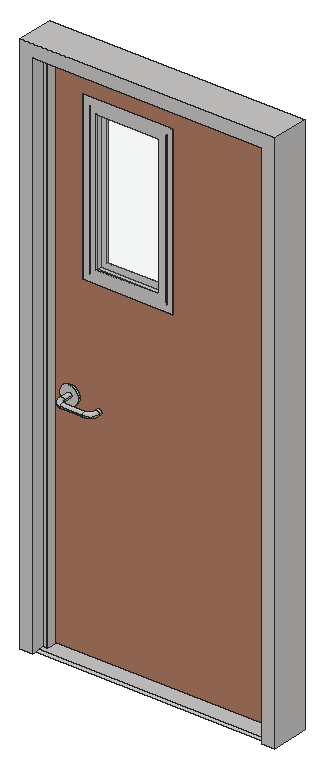
Revit family "Door_AcousticWood_Ambico_Single-Vision", category Doors, host Wall, Revit 2026
Family settings
  Host = Wall
  Classification Number = 23.30.10.21.17.14
  Always vertical = Yes
  Cut with Voids When Loaded = No
  Shared = No
  Room Calculation Point = No
Parameters (values of type "Fire Rated STC 41 to 50")
  Wind Load = ""
  Water Penetration = ""
  Visual Light Transmittance = VLT  # 0
  Vision Lite from Top = 0' - 6"
  Vision Lite from Latch Side = 0' - 6"
  Vision Lite Width = 1' - 0"
  Vision Lite Height = 2' - 0"
  VLT = 0
  U = 0.1000 BTU/(h·ft²·°F)
  Thermal Resistance (R) = R  # 0.0000 (h·ft²·°F)/BTU
  Sound Transmission Class (STC) = 50
  Solar Heat Gain Coefficient = SHGC  # 0
  Small Trim = STCValue > 48  # yes
  STCValue = if(1 = 1, [Sound Transmission Class (STC)], 0)  # 50
  SHGC = 0
  RO Offset = 0' - 0"
  R = 0.0000 (h·ft²·°F)/BTU
  Panel Height = Height - 0' 0 1/4"  # 6' - 11 3/4"
  Panel Finish Notes = "Exterior is Pull. Interior is Push."  # constant formula
  Interior Finish = Wood - Red Oak - Ambico - Stained
  Heat Transfer Coefficient (U) = U  # 0.1000 BTU/(h·ft²·°F)
  Hardware Finish = Metal - Stainless Steel - Ambico - 4 Finish
  Handle Type Interior [instance] = Handle_Generic Lever : Handle_Generic Lever
  Handle Type Exterior [instance] = Handle_Generic Lever : Handle_Generic Lever
  Handle Height [instance] = 3' - 0"
  Glazing Tint = Glass - Glazing - Ambico - Clear
  Glazing Configuration = "as Specified"
  Function = Interior
  Frame Width = 0' - 2"
  Frame Thickness = 0' - 5 7/8"
  Frame Inset from Exterior [instance] = 0' - 0"
  Frame Finish = Metal - Stainless Steel - Ambico - 4 Finish
  Fire Rated = yes
  Exterior Finish = Wood - Red Oak - Ambico - Stained
  Door Rabbet = Thickness + 0' 0 3/16"  # 0' - 2 7/16"
  Building Code Conformance = ""
  Backset = 0' - 3"
  Air Infiltration = ""
  ASTM Conformance = ""
  Panel Width = Width  # 3' - 0"
  Manufacturer Phone = "613-746-4663 "
  Warranty Duration (Years) = 0
  URL = "http://www.ambico.com/"
  Thickness = 0' - 2 1/4"
  Test Data = ""
  Specification = "http://www.arcat.com/sd/clients/ambico.html?coid=40356"
  SpecWizard = ""
  Send Message = "http://www.arcat.com/users.pl?action=UserEmail&company=Ambico Limited&coid=40356&rep=119&fax=800-465-8561&mf="
  Sales Information = "http://www.ambico.com/contact.html"
  Rough Width = (Width + (RO Offset * 2))  # 3' - 0"
  Rough Height = (Height + (RO Offset))  # 7' - 0"
  Product Properties = ""
  Product Data = "http://www.arcat.com/arcatcos/cos40/arc40356.html"
  Manufacturer Website = "http://www.ambico.com/"
  Manufacturer Phone - Toll Free = "888-423-2224"
  Manufacturer Fax = "800-465-8561"
  Manufacturer Address = "1120 Cummings Ave. Ottawa, ON Canada K1J 7R8"
  Maintenance Schedule (Months) = 0
  Installation-Fabrication = "http://www.ambico.com/specs-a-cads-library.html"
  Installation Phase = ""
  Green Building-LEED = "http://www.arcat.com/green/clients/leed_data_40356.html"
  Model = "Acoustic Wood Vision Fire Rated"
  Manufacturer = "Ambico Limited"
  Keynote = "08300"
  Height = 7' - 0"
  Wall Closure = By host
  Width = 3' - 0"
  Fire Rating = "FR  ;  90 Min"
  Expected Lifespan (Years) = 0
  Drawn By = "Sumex Design, Inc. / Robert S. Weygant, CSI, CDT, SCIP"
  Description = "Ambico Fire Rated Acoustic Metal Framed Wood Door - Single as Specified"
  Copyright = "©Arcat Inc."
  Construction Details = "http://www.arcat.com/details/ambico/ambico.html?coid=40356"
  Building Codes = ""
  Assembly Code = ""
  ADA Compliant = yes
  AAMA Designation = ""
Types (9): name | Sound Transmission Class (STC) | Small Trim | STCValue | Fire Rated | Door Rabbet | Thickness | Model | Fire Rating | Description
  STC 33 to 35 | 35 | no | 35 | no | 0' - 1 15/16" | 0' - 1 3/4" | "Acoustic Wood Vision Non Fire Rated" | "NFR" | "Ambico Acoustic Metal Framed Wood Door - Single as Specified"
  STC 36 to 40 | 40 | no | 40 | no | 0' - 1 15/16" | 0' - 1 3/4" | "Acoustic Wood Vision Non Fire Rated" | "NFR" | "Ambico Acoustic Metal Framed Wood Door - Single as Specified"
  STC 41 to 46 | 46 | no | 46 | no | 0' - 1 15/16" | 0' - 1 3/4" | "Acoustic Wood Vision Non Fire Rated" | "NFR" | "Ambico Acoustic Metal Framed Wood Door - Single as Specified"
  STC 47 to 50 | 50 | yes | 50 | no | 0' - 1 15/16" | 0' - 1 3/4" | "Acoustic Wood Vision Non Fire Rated" | "NFR" | "Ambico Acoustic Metal Framed Wood Door - Single as Specified"
  STC 51 to 52 | 52 | yes | 52 | no | 0' - 2 7/16" | 0' - 2 1/4" | "Acoustic Wood Vision Non Fire Rated" | "NFR" | "Ambico Acoustic Metal Framed Wood Door - Single as Specified"
  STC 53 | 53 | yes | 53 | no | 0' - 2 7/16" | 0' - 2 1/4" | "Acoustic Wood Vision Non Fire Rated" | "NFR" | "Ambico Acoustic Metal Framed Wood Door - Single as Specified"
  Fire Rated STC 33 to 35 | 35 | no | 35 | yes | 0' - 1 15/16" | 0' - 1 3/4" | "Acoustic Wood Vision Fire Rated" | "FR  ;  90 Min" | "Ambico Fire Rated Acoustic Metal Framed Wood Door - Single as Specified"
  Fire Rated STC 36 to 40 | 40 | no | 40 | yes | 0' - 1 15/16" | 0' - 1 3/4" | "Acoustic Wood Vision Fire Rated" | "FR  ;  90 Min" | "Ambico Fire Rated Acoustic Metal Framed Wood Door - Single as Specified"
  Fire Rated STC 41 to 50 | 50 | yes | 50 | yes | 0' - 2 7/16" | 0' - 2 1/4" | "Acoustic Wood Vision Fire Rated" | "FR  ;  90 Min" | "Ambico Fire Rated Acoustic Metal Framed Wood Door - Single as Specified"
Reference planes (in)
  plane 1 "Center (Front/Back)": y = -34.46225
  plane 2 "Center (Left/Right)": x = 62.28704
  plane 3: z = 0
  plane 4 "Right": x = 82.28704
  plane 5 "Left": x = 42.28704
  plane 6 "Closure": y = -36.46225
  plane 7: z = 0
  plane 8 "Top of Frame": z = 86
  plane 9 "RO Top": z = 86
  plane 10 "RO Right": x = 82.28704
  plane 11 "RO Left": x = 42.28704
  plane 12 "Frame Ext": y = -31.96225
  plane 13 "Frame Int": y = -37.83725
  plane 14: x = 80.28704
  plane 15: x = 44.28704
  plane 16: z = 84
  plane 17: z = 36
  plane 18: y = -34.21225
  plane 19: y = -34.39975
  plane 20: y = -31.96225
  plane 21: x = 47.28704
Forms (in)
  Sweep 1, solid, material "Metal - Stainless Steel - Ambico - 4 Finish" <- "Frame Finish"
    path origin (1.99114, -31.96225, 48) x (-1, 0, 0) y (0, 0, 1)
      loop
        line (-80.2959, -48) -> (-80.2959, 38) -> (-40.2959, 38) -> (-40.2959, -48)
    profile "P_Frame_Standard : P_Frame_Standard" origin (82.28704, -31.96225, 43) x (1, 0, 0) y (0, 1, 0)
      loop
        line (0, 0) -> (-2, 0) -> (-2, -2.4375) -> (-2.625, -2.4375) -> (-2.625, -3.9375) -> (-2, -3.9375) -> (-2, -5.875) -> (0, -5.875) -> (0, 0)
  Extrusion 2, solid, material "Metal - Stainless Steel - Ambico - 4 Finish" <- "Frame Finish", visible <- "Small Trim"
    sketch origin (42.49864, -34.39975, 48) x (-1, 0, 0) y (0, 0, 1)
      loop
        line (-2.4134, -48) -> (-2.4134, 35.375) -> (-37.1634, 35.375) -> (-37.1634, -48) -> (-37.0384, -48) -> (-37.0384, 35) -> (-2.5384, 35) -> (-2.5384, -48) -> (-2.4134, -48)
    from 0 to -1.5
  Extrusion 3, solid, material "Metal - Stainless Steel - Ambico - 4 Finish" <- "Frame Finish"
    sketch origin (80.28704, 12, 117.38699) x (0, 0, 1) y (0, 1, 0)
      loop
        line (-117.13699, -43.96225) -> (-117.38699, -43.71225) -> (-117.38699, -49.21225) -> (-117.13699, -48.96225) -> (-117.13699, -43.96225)
    from 0 to 36
Lines and regions (in)
  Opening 1
    outline origin (-109.33485, -36.46225, 0) x (1, 0, 0) y (0, 0, 1)
      loop
        line (151.62189, 0) -> (191.62189, 0) -> (191.62189, 86) -> (151.62189, 86) -> (151.62189, 0)
Text (in)
  text "Exterior" at (-17.38048, -24.81826, 0), in view "Plan"
  text "Interior" at (-15.79635, -49.48146, 0), in view "Plan"
  text "Exterior" at (0, -17.98638, 123.01588), in view "Right"
  text "Interior" at (0, -64.39139, 123.01588), in view "Right"
  text "Interior" at (0, -52.09468, 121.14095), in view "Left"
  text "Exterior" at (0, 26.35325, 123.00693), in view "Left"
Dimensions and locks (in)
  equal spacing: plane 4 "Right", plane 2 "Center (Left/Right)", plane 5 "Left"
  "RO Offset": plane 5 "Left" to plane 11 "RO Left"
  "RO Offset": plane 10 "RO Right" to plane 4 "Right"
  "RO Offset": plane 9 "RO Top" to plane 8 "Top of Frame"
  "Frame Thickness": plane 12 "Frame Ext" to plane 13 "Frame Int"
  "Frame Width": plane 16 to plane 8 "Top of Frame"
  "Frame Width": plane 4 "Right" to plane 14
  "Frame Width": plane 5 "Left" to plane 15
  "Frame Inset from Exterior": plane 20 to plane 12 "Frame Ext"
  "Handle Height": level to plane 17
  "Thickness": plane 12 "Frame Ext" to plane 18
  "Door Rabbet": plane 12 "Frame Ext" to plane 19
  locked: plane 20 to host wall at 0.5
  "Height": level to plane 16
  "Width": plane 15 to plane 14
  locked: plane 12 "Frame Ext" to Extrusion 3 sketch curve at 5
  "Backset": plane 15 to plane 21
  aligned and locked: host wall to plane 1 "Center (Front/Back)"
  aligned and locked: host wall to plane 6 "Closure"
  aligned and locked: plane 2 "Center (Left/Right)" to nested 1
  aligned and locked: plane 12 "Frame Ext" to nested 1
  aligned and locked: plane 17 to nested 2
  aligned and locked: plane 15 to Extrusion 3
  aligned and locked: nested 3 to plane 17
  aligned and locked: nested 3 to plane 21
  aligned and locked: plane 21 to nested 2
Automatic sketch dimensions
  Opening 1 sketch curve to plane 9 "RO Top" = 0' - 0"
  Opening 1 sketch curve to plane 11 "RO Left" = 0' - 0"
  Opening 1 sketch curve to plane 10 "RO Right" = 0' - 0"
  Opening 1 sketch curve to level = 0' - 0"
  Sweep 1 sketch curve to plane 4 "Right" = 0' - 0"
  Sweep 1 sketch curve to plane 5 "Left" = 0' - 0"
  Sweep 1 sketch curve to level = 0' - 0"  (x2)
  Sweep 1 sketch curve to plane 8 "Top of Frame" = 0' - 0"
  Extrusion 2 sketch curve to level = 0' - 0"  (x2)
  plane 14 to Extrusion 2 sketch curve = 0' - 0 5/8"
  Extrusion 2 sketch curve to Extrusion 2 sketch curve = 0' - 0 1/8"  (x2)
  Extrusion 2 sketch curve to plane 15 = 0' - 0 3/4"
  Extrusion 2 sketch curve to plane 16 = 0' - 1"
  Extrusion 2 sketch curve to Extrusion 2 sketch curve = 0' - 0 3/8"
  Extrusion 3 sketch curve to level = 0' - 0"
  Extrusion 3 sketch curve to plane 12 "Frame Ext" = 0' - 0"
  level to Extrusion 3 sketch curve = 0' - 0 1/4"
  Extrusion 3 sketch curve to Extrusion 3 sketch curve = 0' - 0 1/4"
  plane 12 "Frame Ext" to Extrusion 3 sketch curve = 0' - 0 1/4"
Nested families (in)
  nested 1: "Panel_WoodVision" at (62.28704, -33.08725, 0.25) x (-1, 0, 0) z (0, 0, 1), Width <- "Panel Width", Thickness <- "Thickness", Height <- "Panel Height", Vision Cutout Height <- "Vision Lite Height", Vision Cutout Width <- "Vision Lite Width", Vision Cutout from Latch <- "Vision Lite from Latch Side", Vision Cutout from Top <- "Vision Lite from Top", Exterior Material <- "Exterior Finish", Interior Material <- "Interior Finish", Glazing <- "Glazing Tint", Vision Lite Frame Finish <- "Frame Finish", Fire Rated <- "Fire Rated", type "Panel_WoodVision"
    with Width 3' - 0", Vision Lite Reveal B 0' - 1 1/16", Vision Lite Reveal A 0' - 1 1/16", Vision Lite Frame Finish Metal - Stainless Steel - Ambico - 4 Finish, Vision Cutout from Top 0' - 6", Vision Cutout from Latch 0' - 6", Vision Cutout Width 1' - 0", Vision Cutout Height 2' - 0", Thickness 0' - 2 1/4", Material Wood - White Birch - Ambico - Stained, Interior Material Wood - Red Oak - Ambico - Stained, Height 6' - 11 3/4", Glazing Glass - Glazing - Ambico - Clear, Fire Rated yes, Exterior Material Wood - Red Oak - Ambico - Stained
  nested 2: "Handle_Generic Lever" at (47.28704, -34.21225, 36) x (-1, 0, 0) z (0, -1, 0), Material <- "Hardware Finish", type <- "Handle Type Interior", type "Handle_Generic Lever"
    with Material Metal - Stainless Steel - Ambico - 4 Finish
  nested 3: "Handle_Generic Lever" at (47.28704, -31.96225, 36) x (-1, 0, 0) z (0, 1, 0), Material <- "Hardware Finish", type <- "Handle Type Interior", type "Handle_Generic Lever"
    with Material Metal - Stainless Steel - Ambico - 4 Finish
Definition of nested family "Panel_WoodVision"
  Parameters (values of type "Panel_WoodVision")
    Width [instance] = 3' - 0"
    Warranty Duration (Years) = 0
    Vision Lite Reveal B [instance] = if(Fire Rated, 0' 1 1/16", 0' 0 5/8")  # 0' - 1 1/16"
    Vision Lite Reveal A [instance] = if(Fire Rated, 0' 1 1/16", 0' 1")  # 0' - 1 1/16"
    Vision Lite Frame Finish [instance] = none
    Vision Cutout from Top [instance] = 0' - 4.34506"
    Vision Cutout from Latch [instance] = 0' - 3.79628"
    Vision Cutout Width [instance] = 0' - 5"
    Vision Cutout Height [instance] = 1' - 1"
    URL = "http://www.ambico.com/"
    Thickness [instance] = 0' - 2"
    Specification = "http://www.arcat.com/sd/clients/ambico.html?coid=40356"
    SpecWizard = ""
    Send Message = "http://www.arcat.com/users.pl?action=UserEmail&company=Ambico Limited&coid=40356&rep=119&fax=800-465-8561&mf="
    Sales Information = "http://www.ambico.com/contact.html"
    Revision = "R1_03-2012"
    Product Properties = ""
    Product Data = "http://www.arcat.com/arcatcos/cos40/arc40356.html"
    Model = "As Specified"
    Material [instance] = none
    Manufacturer Website = "http://www.ambico.com/"
    Manufacturer Phone - Toll Free = "888-423-2224"
    Manufacturer Phone = "613-746-4663 "
    Manufacturer Fax = "800-465-8561"
    Manufacturer Address = "1120 Cummings Ave. Ottawa, ON Canada K1J 7R8"
    Manufacturer = "Ambico Limited"
    Maintenance Schedule (Months) = 0
    Keynote = "08300"
    Interior Material [instance] = none
    Installation-Fabrication = "http://www.ambico.com/specs-a-cads-library.html"
    Installation Phase = ""
    Height [instance] = 7' - 0"
    Green Building-LEED = "http://www.arcat.com/green/clients/leed_data_40356.html"
    Glazing [instance] = none
    Fire Rated [instance] = yes
    Exterior Material [instance] = none
    Expected Lifespan (Years) = 0
    Drawn By = "Sumex Design, Inc. / Robert S. Weygant, CSI, CDT, SCIP"
    Description = "Ambico Door Product as Specified"
    Default Elevation = 4' - 0"
    Copyright = "©Arcat Inc."
    Construction Details = "http://www.arcat.com/details/ambico/ambico.html?coid=40356"
    Assembly Code = ""
    Analytic Construction = "<None>"
  Reference planes (in)
    plane 1 "Center (Front/Back)": y = 0
    plane 2 "Bottom": z = 0
    plane 3 "Center (Left/Right)": x = 0
    plane 4 "Front": y = -1
    plane 5 "Back": y = 1
    plane 6 "Left": x = -18
    plane 7 "Right": x = 18
    plane 8 "Top": z = 84
    plane 9: z = 42
    plane 10: z = 79.65494
    plane 11: z = 66.65494
    plane 12: x = 14.20372
    plane 13: x = 9.20372
    plane 14: y = -0.90625
    plane 15: y = 0.90625
  Forms (in)
    Extrusion 1, solid, material <- "Exterior Material"
      sketch origin (0, 1, 0) x (-1, 0, 0) y (0, 0, 1)
        loop
          line (18, 84) -> (-18, 84) -> (-18, 0) -> (18, 0) -> (18, 84)
      from 0 to -2
    Sweep 2, solid, material <- "Vision Lite Frame Finish"
      path origin (0, 0, 0) x (1, 0, 0) y (0, 0, 1)
        loop
          line (9.20372, 79.65494) -> (9.20372, 66.65494) -> (14.20372, 66.65494) -> (14.20372, 79.65494) -> (9.20372, 79.65494)
      profile origin (11.70372, 0, 79.65494) x (0, 0, 1) y (0, -1, 0)
        loop
          line (-1.0625, 1) -> (-1.0625, 0.90625) -> (-0.0625, 0.90625) -> (-0.0625, -0.90625) -> (-1.0625, -0.90625) -> (-1.0625, -1) -> (1.0625, -1) -> (1.0625, -0.90625) -> (0.15022, -0.90625) -> (0.15022, 0.90625) -> (1.0625, 0.90625) -> (1.0625, 1) -> (-1.0625, 1)
    Extrusion 3, void
      sketch origin (0, 0, 0) x (1, 0, 0) y (0, 0, 1)
        loop
          line (9.20372, 79.65494) -> (9.20372, 66.65494) -> (14.20372, 66.65494) -> (14.20372, 79.65494) -> (9.20372, 79.65494)
      from -1 to 1
    Extrusion 4, void
      sketch origin (-11.94222, -1, 48) x (1, 0, 0) y (0, 0, 1)
        loop
          line (20.08343, 32.71744) -> (20.08343, 17.59244) -> (27.20843, 17.59244) -> (27.20843, 32.71744) -> (20.08343, 32.71744)
      from 0 to -0.09375
    Extrusion 5, void
      sketch origin (-11.94222, 1, 48) x (1, 0, 0) y (0, 0, 1)
        loop
          line (20.08343, 32.71744) -> (20.08343, 17.59244) -> (27.20843, 17.59244) -> (27.20843, 32.71744) -> (20.08343, 32.71744)
      from 0 to 0.09375
    Extrusion 6, solid, material <- "Glazing"
      sketch origin (0, 0, 0) x (1, 0, 0) y (0, 0, 1)
        loop
          line (9.26622, 79.59244) -> (9.26622, 66.71744) -> (14.14122, 66.71744) -> (14.14122, 79.59244) -> (9.26622, 79.59244)
      from -0.90625 to 0.90625
  Cuts and joins
    Extrusion 3, Extrusion 4, Extrusion 5 cuts Extrusion 1
  Lines and regions (in)
    symbolic lines
      curve 1: line (18, 0, 84) -> (-18, 0, 42)
      curve 2: line (-18, 0, 42) -> (18, 0, 0)
      curve 3: arc (18, 1, 0) -> (7.45584, 26.45584, 0) -> (-18, 37, 0) r 36
      curve 4: line (-18, 37, 0) -> (-18, 1, 0)
  Dimensions and locks (in)
    equal spacing: plane 6 "Left", plane 3 "Center (Left/Right)", plane 7 "Right"
    "Width": plane 6 "Left" to plane 7 "Right"
    equal spacing: plane 5 "Back", plane 1 "Center (Front/Back)", plane 4 "Front"
    "Thickness": plane 5 "Back" to plane 4 "Front"
    "Height": plane 8 "Top" to level
    equal spacing: plane 8 "Top", plane 9, level
    "Vision Cutout from Top": plane 8 "Top" to plane 10
    "Vision Cutout Height": plane 10 to plane 11
    "Vision Cutout from Latch": plane 7 "Right" to plane 12
    "Vision Cutout Width": plane 12 to plane 13
    locked: plane 4 "Front" to Sweep 2 sketch curve at 0.09375  (x2)
    locked: Sweep 2 sketch curve to plane 5 "Back" at 0.09375  (x2)
    locked: Sweep 2 sketch curve to plane 10 at 0.15022
    "Vision Lite Reveal A": Extrusion 4 sketch curve to plane 10
    "Vision Lite Reveal A": Extrusion 4 sketch curve to plane 12
    "Vision Lite Reveal A": plane 13 to Extrusion 4 sketch curve
    "Vision Lite Reveal A": plane 11 to Extrusion 4 sketch curve
    "Vision Lite Reveal A": Extrusion 5 sketch curve to plane 10
    "Vision Lite Reveal A": Extrusion 5 sketch curve to plane 12
    "Vision Lite Reveal A": plane 13 to Extrusion 5 sketch curve
    "Vision Lite Reveal A": plane 11 to Extrusion 5 sketch curve
    locked: plane 4 "Front" to plane 14 at 0.09375
    locked: plane 15 to plane 5 "Back" at 0.09375
    "Vision Lite Reveal A": Sweep 2 sketch curve to plane 10  (x2)
    "Vision Lite Reveal B": plane 10 to Sweep 2 sketch curve  (x2)
    locked: plane 10 to Sweep 2 sketch curve at 0.0625
    aligned and locked: Extrusion 1 to plane 4 "Front"
    aligned and locked: Sweep 2 sketch curve to plane 10
    aligned and locked: plane 13 to Sweep 2 sketch curve
    aligned and locked: plane 11 to Sweep 2 sketch curve
    aligned and locked: Sweep 2 sketch curve to plane 12
    aligned and locked: plane 4 "Front" to Sweep 2 sketch curve
    aligned and locked: plane 5 "Back" to Sweep 2 sketch curve
    aligned and locked: plane 11 to Extrusion 3 sketch curve
    aligned and locked: Extrusion 3 sketch curve to plane 12
    aligned and locked: plane 13 to Extrusion 3 sketch curve
    aligned and locked: Extrusion 3 sketch curve to plane 10
    aligned and locked: plane 5 "Back" to Extrusion 3
    aligned and locked: Extrusion 3 to plane 4 "Front"
    aligned and locked: Extrusion 6 sketch curve to Sweep 2  (x4)
    aligned and locked: Extrusion 6 to plane 15
    aligned and locked: plane 14 to Extrusion 6
  Automatic sketch dimensions
    curve 4 to plane 5 "Back" = 0' - 0"
    curve 4 to plane 6 "Left" = 0' - 0"
    curve 3 to plane 5 "Back" = 0' - 0"
    curve 3 to plane 7 "Right" = 0' - 0"
    curve 1 to plane 6 "Left" = 0' - 0"
    curve 2 to level = 0' - 0"
    curve 2 to plane 7 "Right" = 0' - 0"
    curve 1 to plane 7 "Right" = 0' - 0"
    curve 2 to plane 9 = 0' - 0"
    curve 1 to plane 8 "Top" = 0' - 0"
    Extrusion 1 sketch curve to plane 7 "Right" = 0' - 0"
    Extrusion 1 sketch curve to level = 0' - 0"
    Extrusion 1 sketch curve to plane 6 "Left" = 0' - 0"
    Extrusion 1 sketch curve to plane 8 "Top" = 0' - 0"
Definition of nested family "Handle_Generic Lever"
  Parameters
    Material [instance] = none
    Default Elevation = 4' - 0"
  Reference planes (in)
    plane 1 "Center (Front/Back)": y = 0
    plane 2: z = 0
    plane 3 "Center (Left/Right)": x = 0
  Forms (in)
    Sweep 1, solid, material <- "Material"
      path origin (0, 0, 0) x (1, 0, 0) y (0, 0, 1)
        loop
          line (0, 0) -> (0, 1.76511)
          arc (0, 1.76511) -> (-0.29289, 2.47221) -> (-1, 2.76511) r 1
          line (-1, 2.76511) -> (-4.5, 2.76511)
          arc (-4.5, 2.76511) -> (-5.20711, 2.47221) -> (-5.5, 1.76511) r 1
          line (-5.5, 1.76511) -> (-5.5, 1.26511)
      profile origin (0, 0, 0.88255) x (-1, 0, 0) y (0, -1, 0)
        loop
          circle (0, 0) r 0.375
    Extrusion 2, solid, material <- "Material"
      sketch origin (0, 0, 0) x (1, 0, 0) y (0, 1, 0)
        loop
          circle (0, 0) r 1.5
      from 0 to 0.25
  Cuts and joins
    joined: Sweep 1, Extrusion 2
